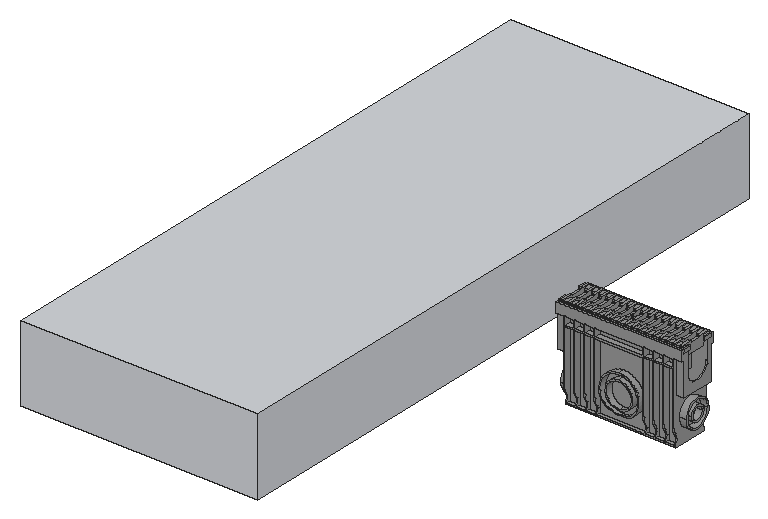
Revit family "PLASTIC SAND TRAP BASE DN100 with a high board", category Оборудование, Revit 2019 (continued)
Definition of nested family "Plastic end cap-adapter floating DN100"
  Forms (mm)
    Extrusion 3, solid, material <- "Material", detail levels medium+fine
      sketch origin (0, 0, 0) x (0, 1, 0) y (0, 0, 1)
        loop
          arc (-52, -43) -> (-52.586, -41.586) -> (-54, -41) r 2
          line (-54, -41) -> (-56.15, -41) -> (-62.9, -41) -> (-62.9, -58)
          arc (-62.9, -58) -> (-62.754, -58.354) -> (-62.4, -58.5) r 0.5
          line (-62.4, -58.5) -> (-61.4, -58.5) -> (-61.4, -61.013) -> (-59.956, -226.5) -> (59.956, -226.5) -> (61.4, -61.013) -> (61.4, -58.5) -> (62.4, -58.5)
          arc (62.4, -58.5) -> (62.754, -58.354) -> (62.9, -58) r 0.5
          line (62.9, -58) -> (62.9, -41) -> (56.15, -41)
      from 0 to 5
  Cuts and joins
    joined: Extrusion 1, Extrusion 2
  Dimensions and locks
    plane 6 to plane 3 "По центру (Влево/Вправо)" = 2.5 mm
    equal spacing: plane 4, plane 1 "По центру (Вперед/Назад)", plane 5
    "W": plane 4 to plane 5
    "H": level to plane 7
    plane 8 to plane 3 "По центру (Влево/Вправо)" = 20 mm
    plane 3 "По центру (Влево/Вправо)" to Extrusion 1 = 9.937 mm
    plane 3 "По центру (Влево/Вправо)" to plane 8 = 20 mm
    plane 9 to plane 3 "По центру (Влево/Вправо)" = 5 mm
    plane 2 to plane 10 = 273 mm
    aligned and locked: level to plane 2
    aligned and locked: Extrusion 2 to plane 8
    aligned and locked: Extrusion 2 to Extrusion 1
    aligned and locked: plane 3 "По центру (Влево/Вправо)" to Extrusion 1
    aligned and locked: plane 9 to Extrusion 3
  Automatic sketch dimensions
    Extrusion 2 sketch curve to Extrusion 2 sketch curve = 0 mm  (x2)
    Extrusion 2 sketch curve to plane 1 "По центру (Вперед/Назад)" = 0 mm
    plane 5 to Extrusion 2 sketch curve = 10.1 mm
    plane 5 to Extrusion 2 sketch curve = 9.263 mm
    Extrusion 2 sketch curve to Extrusion 2 sketch curve = 1 mm  (x2)
    Extrusion 2 sketch curve to Extrusion 2 sketch curve = 2.5 mm  (x2)
    Extrusion 2 sketch curve to Extrusion 2 sketch curve = 1.509 mm  (x2)
    Extrusion 2 sketch curve to plane 4 = 10.1 mm
    Extrusion 2 sketch curve to plane 4 = 9.263 mm
    plane 7 to Extrusion 2 sketch curve = 68.069 mm
    Extrusion 2 sketch curve to Extrusion 2 sketch curve = 0.022 mm
    Extrusion 2 sketch curve to Extrusion 2 sketch curve = 0.461 mm
    Extrusion 2 sketch curve to level = 21.5 mm  (x2)
    Extrusion 2 sketch curve to Extrusion 2 sketch curve = 0.009 mm  (x2)
    Extrusion 1 sketch curve to Extrusion 1 sketch curve = 0 mm  (x2)
    Extrusion 1 sketch curve to plane 1 "По центру (Вперед/Назад)" = 0 mm
    plane 5 to Extrusion 1 sketch curve = 10.1 mm
    plane 5 to Extrusion 1 sketch curve = 9.263 mm
    Extrusion 1 sketch curve to Extrusion 1 sketch curve = 1 mm  (x3)
    Extrusion 1 sketch curve to Extrusion 1 sketch curve = 2.5 mm  (x2)
    Extrusion 1 sketch curve to Extrusion 1 sketch curve = 1.509 mm  (x2)
    Extrusion 1 sketch curve to plane 4 = 10.1 mm
    Extrusion 1 sketch curve to plane 4 = 8.263 mm
    plane 7 to Extrusion 1 sketch curve = 68.069 mm
    Extrusion 1 sketch curve to Extrusion 1 sketch curve = 0.022 mm
    Extrusion 1 sketch curve to Extrusion 1 sketch curve = 0.461 mm
    Extrusion 1 sketch curve to level = 21.5 mm  (x2)
    Extrusion 1 sketch curve to Extrusion 1 sketch curve = 0.009 mm
    Extrusion 3 sketch curve to plane 5 = 0 mm
    Extrusion 3 sketch curve to plane 7 = 0 mm
    Extrusion 3 sketch curve to level = 0 mm  (x2)
    Extrusion 3 sketch curve to plane 4 = 0 mm
    plane 5 to Extrusion 3 sketch curve = 0.5 mm
    plane 5 to Extrusion 3 sketch curve = 1.5 mm
    plane 5 to Extrusion 3 sketch curve = 2.944 mm
    plane 5 to Extrusion 3 sketch curve = 6.75 mm
    Extrusion 3 sketch curve to Extrusion 3 sketch curve = 2.15 mm  (x2)
    Extrusion 3 sketch curve to Extrusion 3 sketch curve = 2 mm  (x2)
    Extrusion 3 sketch curve to Extrusion 3 sketch curve = 1.738 mm  (x2)
    plane 5 to Extrusion 3 sketch curve = 14.057 mm
    plane 1 "По центру (Вперед/Назад)" to Extrusion 3 sketch curve = 0.847 mm
    Extrusion 3 sketch curve to plane 1 "По центру (Вперед/Назад)" = 0.847 mm
    Extrusion 3 sketch curve to plane 4 = 14.057 mm
    Extrusion 3 sketch curve to plane 4 = 12.638 mm
    Extrusion 3 sketch curve to plane 4 = 2.944 mm
    Extrusion 3 sketch curve to plane 4 = 1.5 mm
    Extrusion 3 sketch curve to plane 4 = 0.5 mm
    plane 7 to Extrusion 3 sketch curve = 67.122 mm
    Extrusion 3 sketch curve to Extrusion 3 sketch curve = 0.628 mm
    Extrusion 3 sketch curve to Extrusion 3 sketch curve = 0 mm
    Extrusion 3 sketch curve to Extrusion 3 sketch curve = 18.013 mm  (x2)
    Extrusion 3 sketch curve to Extrusion 3 sketch curve = 2.513 mm  (x2)
    Extrusion 3 sketch curve to Extrusion 3 sketch curve = 8 mm  (x2)
Definition of nested family "Basket DN100"
  Parameters (values of type "68091")
    Model = "Linear drainage"  # constant formula
    Material = none
    Hпос = 11 mm  # constant formula
    DN = 100 mm  # constant formula
    ADSK_Weight = 0.25
    ADSK_Unit = "pcs"
    ADSK_Product code = "68091"
    ADSK_Position [instance] = ""
    ADSK_Name = "Plastic universal basket H125 for sand trap DN100"
    ADSK_Material_Name = "Plastic"
    ADSK_Manufacturer = "Vodaland"
    ADSK_Dimension_Width = 95 mm  # constant formula
    ADSK_Dimension_Lenght = 438 mm  # constant formula
    ADSK_Dimension_Height = 120 mm  # constant formula
    ADSK_Annotation [instance] = ""
  Reference planes
    plane 1 "По центру (Вперед/Назад)": y = 0
    plane 2 "Up": z = 0
    plane 3 "По центру (Влево/Вправо)": x = 0
    plane 4 "L": x = -219
    plane 5 "R": x = 219
    plane 6 "Down": z = -131
    plane 7 "D": y = -47.5
    plane 8 "U": y = 47.5
    plane 9: z = -11
    plane 10: y = 31.905
    plane 11: y = -31.905
    plane 12: x = -196.65
    plane 13: x = 196.65
  Forms (mm)
    Extrusion 1, solid, material <- "Material"
      sketch origin (0, 0, -131) x (0, -1, 0) y (1, 0, 0)
        loop
          line (-47.5, -219) -> (47.5, -219) -> (47.5, 219) -> (-47.5, 219) -> (-47.5, -219)
        loop
          line (-30.905, -195.65) -> (30.905, -195.65) -> (30.905, 195.65) -> (-30.905, 195.65) -> (-30.905, -195.65)
      from 0 to 120
    Extrusion 2, void
      sketch origin (0, 0, -131) x (0, -1, 0) y (1, 0, 0)
        loop
          line (-47.5, -219) -> (47.5, -219) -> (47.5, 219) -> (-47.5, 219) -> (-47.5, -219)
        loop
          line (-31.905, -196.65) -> (31.905, -196.65) -> (31.905, 196.65) -> (-31.905, 196.65) -> (-31.905, -196.65)
      from 0 to 250
    Extrusion 3, solid, material <- "Material"
      sketch origin (0, 0, -131) x (0, -1, 0) y (1, 0, 0)
        loop
          line (-31.905, -196.65) -> (31.905, -196.65) -> (31.905, 196.65) -> (-31.905, 196.65) -> (-31.905, -196.65)
      from 0 to 1
  Cuts and joins
    Extrusion 2 cuts Extrusion 1
    joined: Extrusion 1, Extrusion 3
  Dimensions and locks
    equal spacing: plane 4 "L", plane 3 "По центру (Влево/Вправо)", plane 5 "R"
    "ADSK_Dimension_Lenght": plane 4 "L" to plane 5 "R"
    "ADSK_Dimension_Width": plane 7 "D" to plane 8 "U"
    equal spacing: plane 7 "D", plane 1 "По центру (Вперед/Назад)", plane 8 "U"
    "Hпос": plane 2 "Up" to plane 9
    "ADSK_Dimension_Height": plane 9 to plane 6 "Down"
    plane 2 "Up" to plane 6 "Down" = 131 mm
    equal spacing: plane 8 "U", plane 1 "По центру (Вперед/Назад)", plane 7 "D"
    plane 8 "U" to plane 7 "D" = 95 mm
    equal spacing: plane 11, plane 1 "По центру (Вперед/Назад)", plane 10
    plane 11 to plane 10 = 63.81 mm
    equal spacing: plane 12, plane 3 "По центру (Влево/Вправо)", plane 13
    plane 12 to plane 13 = 393.301 mm
    aligned and locked: level to plane 2 "Up"
    aligned and locked: plane 9 to Extrusion 1
  Automatic sketch dimensions
    Extrusion 1 sketch curve to plane 5 "R" = 0 mm
    Extrusion 1 sketch curve to plane 8 "U" = 0 mm
    Extrusion 1 sketch curve to plane 7 "D" = 0 mm
    Extrusion 1 sketch curve to plane 4 "L" = 0 mm
    plane 10 to Extrusion 1 sketch curve = 1 mm
    Extrusion 1 sketch curve to plane 13 = 1 mm
    plane 12 to Extrusion 1 sketch curve = 1 mm
    Extrusion 1 sketch curve to plane 11 = 1 mm
    Extrusion 2 sketch curve to plane 5 "R" = 0 mm
    Extrusion 2 sketch curve to plane 8 "U" = 0 mm
    plane 10 to Extrusion 2 sketch curve = 0 mm
    plane 11 to Extrusion 2 sketch curve = 0 mm
    Extrusion 2 sketch curve to plane 7 "D" = 0 mm
    Extrusion 2 sketch curve to plane 4 "L" = 0 mm
    Extrusion 2 sketch curve to plane 12 = 0 mm
    Extrusion 2 sketch curve to plane 13 = 0 mm
    plane 10 to Extrusion 3 sketch curve = 0 mm
    plane 11 to Extrusion 3 sketch curve = 0 mm
    Extrusion 3 sketch curve to plane 12 = 0 mm
    Extrusion 3 sketch curve to plane 13 = 0 mm
Definition of nested family "Sealant"
  Parameters (values of type "Sealant")
    Sealant [instance] = 0
    Model = "Linear drainage"  # constant formula
    ADSK_Weight = 0
    ADSK_Unit = "ml"  # constant formula
    ADSK_Sealant [instance] = 0
    ADSK_Product code = "335145"
    ADSK_Name = "Sealant Vodaland"
    ADSK_Material_Name = ""
    ADSK_Manufacturer = "Vodaland"  # constant formula
    ADSK_Annotation = ""
  Reference planes
    plane 1 "По центру (Вперед/Назад)": y = 0
    plane 2: z = 0
    plane 3 "По центру (Влево/Вправо)": x = 0
    plane 4: y = 68
    plane 5: y = -68
    plane 6: x = 249
    plane 7: x = -249
    plane 8: z = -5
  Dimensions and locks
    equal spacing: plane 7, plane 3 "По центру (Влево/Вправо)", plane 6
    plane 7 to plane 6 = 498 mm
    equal spacing: plane 4, plane 1 "По центру (Вперед/Назад)", plane 5
    plane 4 to plane 5 = 136 mm
    locked: level to plane 8 at 5
    aligned and locked: level to plane 2
Definition of nested family "Fastening"
  Parameters (values of type "6800-35")
    Material = none
    Model = "Linear drainage"  # constant formula
    ADSK_Weight = 0.015  # constant formula
    ADSK_Unit = "pcs"  # constant formula
    ADSK_Product code = "6800-35"
    ADSK_Position = ""
    ADSK_Name = "Plastic fastener for plastic channel DN100 with screw 35mm"
    ADSK_Material_Name = "Plastic"
    ADSK_Manufacturer = "Vodaland"  # constant formula
    ADSK_Annotation = ""
  Types (3, lengths in mm): name | ADSK_Product code | ADSK_Name | ADSK_Material_Name
    6800-35 | "6800-35" | "Plastic fastener for plastic channel DN100 with screw 35mm" | "Plastic"
    6200-35 | "6200-35" | "Stainless steel fastener-staple  for plastic channel Base DN100 with screw 35mm" | "Stainless steel"
    6100-35 | "6100-35" | "Galvanized steel fastener-staple for plastic channel Base DN100 with screw 35mm" | "Galvanized Steel"
  Reference planes
    plane 1 "По центру (Вперед/Назад)": y = 0
    plane 2: z = 0
    plane 3 "По центру (Влево/Вправо)": x = 0
    plane 4: y = 12
    plane 5: y = -12
    plane 6: x = 87
    plane 7: x = -87
    plane 8: z = -50
  Lines and regions (mm)
    model lines, detail levels fine
      curve 1: line (0, -5, 0) -> (0, 5, 0)
      curve 2: line (-5, 0, 0) -> (5, 0, 0)
      curve 3: circle (0, 0, 0) r 5 normal (0, 0, 1)
  Dimensions and locks
    equal spacing: plane 7, plane 3 "По центру (Влево/Вправо)", plane 6
    plane 7 to plane 6 = 174 mm
    equal spacing: plane 4, plane 1 "По центру (Вперед/Назад)", plane 5
    plane 4 to plane 5 = 24 mm
    level to plane 8 = 50 mm
    aligned and locked: level to plane 2
  Automatic sketch dimensions
    plane 1 "По центру (Вперед/Назад)" to curve 2 = 0 mm
    curve 1 to plane 3 "По центру (Влево/Вправо)" = 0 mm
    plane 1 "По центру (Вперед/Назад)" to curve 3 = 0 mm
    curve 3 to plane 3 "По центру (Влево/Вправо)" = 0 mm
    plane 3 "По центру (Влево/Вправо)" to curve 2 = 5 mm
